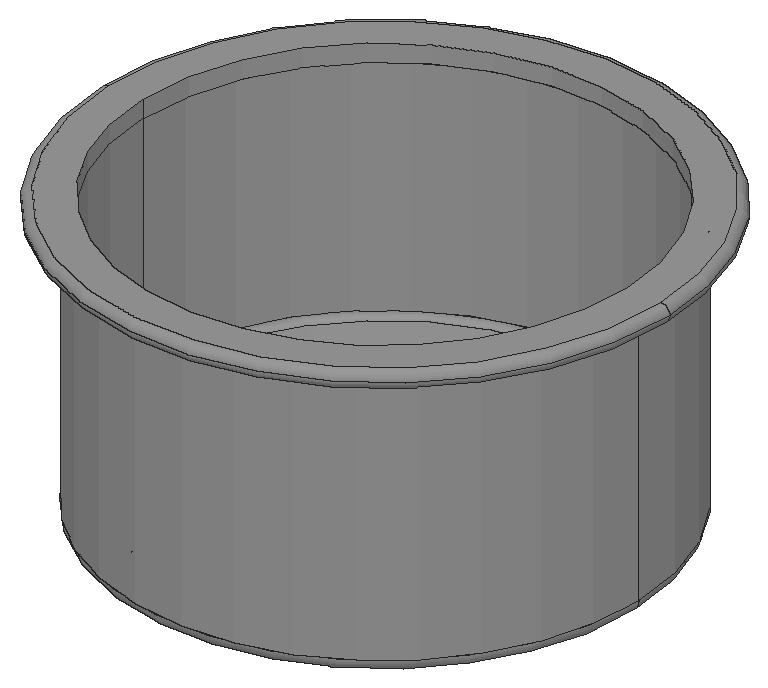
Revit family "BUILDMAT-SFTCSW01-Jocasta-Fireclay-Sink-Gloss_White", category Plumbing Fixtures, host Face, Revit 2026
Family settings
  Host = Face
  Round Connector Dimension = Use Diameter
  Part Type = Normal
  Enable Cutting in Views = Yes
  Cut with Voids When Loaded = Yes
  Maintain Annotation Orientation = No
  Shared = No
  Room Calculation Point = No
Parameters
  Width = 460 mm
  Material = BUILDMAT Gloss White Fireclay
  Depth = 232 mm
  Default Elevation = 1219.2 mm
Reference planes
  plane 1 "Center (Front/Back)": y = 0
  plane 2: z = 0
  plane 3 "Center (Left/Right)": x = 0
  plane 4: y = 230
  plane 5: y = -230
  plane 6: x = -230
  plane 7: x = 230
  plane 8: y = 195
  plane 9: y = -195
  plane 10: x = -195
  plane 11: x = 195
  plane 12: z = 14
  plane 13: z = -218
  plane 14: z = -189
  plane 15: z = -184
  plane 16: x = 45
  plane 17: x = -45
  plane 18: x = -65
  plane 19: x = 65
  plane 20: y = 65
  plane 21: y = 45
  plane 22: y = -45
  plane 23: y = -65
Forms (mm)
  Extrusion 1, solid, material "BUILDMAT Gloss White Fireclay" <- "Material"
    sketch origin (0, 0, 0) x (1, 0, 0) y (0, 1, 0)
      loop
        circle (0, 0) r 230
      loop
        circle (0, 0) r 195
    from 0 to 14
  Extrusion 2, void
    sketch origin (0, 0, 0) x (1, 0, 0) y (0, 1, 0)
      loop
        circle (0, 0) r 205
    from 0 to -218
  Revolve 3, solid, material "BUILDMAT Gloss White Fireclay" <- "Material"
    sketch origin (0, 0, 0) x (1, 0, 0) y (0, 0, 1)
      loop
        line (-205, -4.105) -> (-205, -208)
        arc (-205, -208) -> (-202.071, -215.071) -> (-195, -218) r 10
        line (-195, -218) -> (-45, -218) -> (-45, -213.814)
        arc (-45, -213.814) -> (-51.987, -196.478) -> (-69.042, -188.832) r 25
        line (-69.042, -188.832) -> (-190.192, -184.184)
        arc (-190.192, -184.184) -> (-193.603, -182.655) -> (-195, -179.188) r 5
        line (-195, -179.188) -> (-195, 0) -> (-208.568, 0)
        arc (-208.568, 0) -> (-206.017, -1.385) -> (-205, -4.105) r 4.145
      axis (0, -218) -> (0, 0)
    angle from 0 to 360
  Sweep 4, void
    path in 3D
      loop
        arc (-230, 0, 14) -> (0, 230, 14) -> (230, 0, 14) r 230
        arc (230, 0, 14) -> (0, -230, 14) -> (-230, 0, 14) r 230
    profile origin (0, -230, 14) x (0, -1, 0) y (0, 0, 1)
      loop
        line (-7, -14) -> (-10, -14) -> (-10, -24) -> (9.088, -24) -> (9.088, 10) -> (-10, 10) -> (-10, 0) -> (-7, 0)
        arc (-7, 0) -> (-2.05, -2.05) -> (0, -7) r 7
        arc (0, -7) -> (-2.05, -11.95) -> (-7, -14) r 7
Cuts and joins
  Extrusion 2, Sweep 4 cuts Extrusion 1
  Sweep 4 cuts Revolve 3
  joined: Extrusion 1, Revolve 3
Lines and regions (mm)
  symbolic lines
    curve 1: circle (0, 0, 0) r 65 normal (0, 0, 1)
  sketch lines
    curve 2: arc (230, 0, 14) -> (0, -230, 14) -> (-230, 0, 14) r 230
    curve 3: arc (-230, 0, 14) -> (0, 230, 14) -> (230, 0, 14) r 230
Text (mm)
  text "Refer to www.buildmat.com.au for the most current product literature. \nAllow a +/- 5mm tolerance for dimensions shown in the product literature. \nPlease note product details are subject to change due to ongoing product development." at (0.056, -1035.857, 0), in view "Ref. Level"
Dimensions and locks
  "Width": plane 6 to plane 7
  "Width": plane 4 to plane 5
  plane 10 to plane 11 = 390 mm
  plane 8 to plane 9 = 390 mm
  plane 11 to cut or joined group of Extrusion 1, Extrusion 2, Revolve 3, Sweep 4 = 35 mm
  plane 18 to curve 1 = 130 mm
  plane 17 to Revolve 3 = 90 mm
  "Depth": plane 12 to plane 13
  plane 12 to host face = 14 mm
  plane 12 to plane 14 = 203 mm
  plane 12 to plane 15 = 198 mm
  aligned and locked: plane 2 to host face
  aligned and locked: level to host face
Automatic sketch dimensions
  plane 1 "Center (Front/Back)" to curve 1 = 0 mm
  curve 1 to plane 3 "Center (Left/Right)" = 0 mm
  host sketch curve to host sketch curve = 2438.4 mm  (x2)
  Extrusion 1 sketch curve to Extrusion 1 sketch curve = 0 mm  (x2)
  plane 1 "Center (Front/Back)" to Extrusion 1 sketch curve = 0 mm
  Extrusion 1 sketch curve to plane 3 "Center (Left/Right)" = 0 mm
  plane 1 "Center (Front/Back)" to Extrusion 2 sketch curve = 0 mm
  Extrusion 2 sketch curve to plane 3 "Center (Left/Right)" = 0 mm
  Revolve 3 sketch curve to level = 0 mm
  Revolve 3 sketch curve to plane 10 = 0 mm  (x2)
  plane 17 to Revolve 3 sketch curve = 0 mm
  Revolve 3 sketch curve to plane 3 "Center (Left/Right)" = 0 mm
  Revolve 3 sketch curve to plane 13 = 0 mm  (x2)
  Revolve 3 sketch curve to plane 12 = 0 mm
  Revolve 3 sketch curve to Revolve 3 sketch curve = 10 mm
  Revolve 3 sketch curve to Revolve 3 sketch curve = 3.568 mm
  Revolve 3 sketch curve to level = 4.105 mm
  Revolve 3 sketch curve to plane 15 = 0.184 mm
  plane 10 to Revolve 3 sketch curve = 4.808 mm
  plane 15 to Revolve 3 sketch curve = 4.812 mm
  plane 18 to Revolve 3 sketch curve = 5 mm
  plane 14 to Revolve 3 sketch curve = 0.168 mm
  plane 18 to Revolve 3 sketch curve = 4.042 mm
  Sweep 4 sketch curve to Sweep 4 sketch curve = 0 mm  (x2)
  Sweep 4 sketch curve to profile plane = 0 mm  (x3)
  profile plane to Sweep 4 sketch curve = 7 mm
  profile plane to Sweep 4 sketch curve = 10 mm  (x3)
  Sweep 4 sketch curve to profile plane = 9.088 mm
  Sweep 4 sketch curve to Sweep 4 sketch curve = 10 mm
  radius of Extrusion 1 sketch curve = 230 mm
  radius of Extrusion 1 sketch curve = 195 mm
  radius of Extrusion 2 sketch curve = 205 mm
